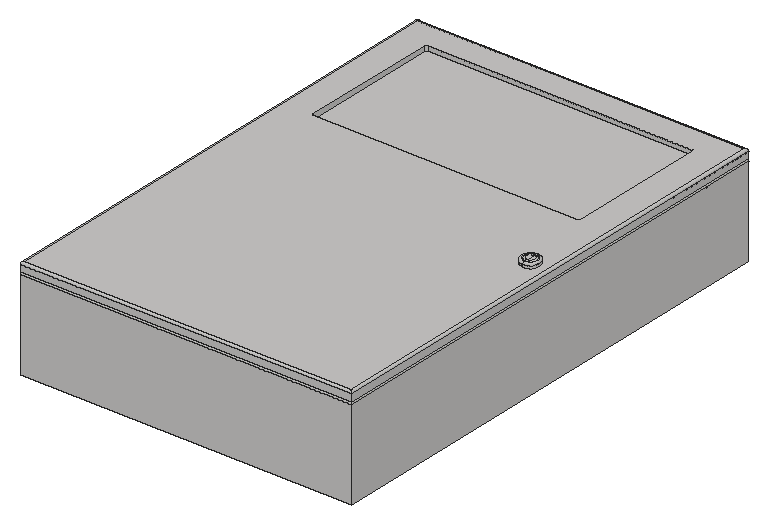
Revit family "PRD_AR_WstBns_RODANWasteBin_RODX604_RODX604E", category Specialty Equipment, host Face, Revit 2018
Family settings
  Host = Face
  Round Connector Dimension = Use Diameter
  Part Type = Normal
  OmniClass Number = 23.40.20.31.11
  OmniClass Title = Bins
  Cut with Voids When Loaded = Yes
  Shared = No
  Room Calculation Point = No
Parameters (values of type "RODX604")
  WasteBinMaterial = PRD_AR_StainlessSteel_SatinFinished
  WarrantyStartDate [instance] = "1900-12-31T23:59:59"
  WarrantyGuarantorParts = "n/a"
  WarrantyGuarantorLabor = "n/a"
  WarrantyDurationUnit = "year"
  WarrantyDurationParts = "n/a"
  WarrantyDurationLabor = "n/a"
  WarrantyDescription = "n/a"
  Version = "1"
  Uniclass2015Version = "Products v1.10"
  Uniclass2015Title = "Waste bins"
  Uniclass2015Code = "Pr_40_50_07_96"
  URL = "www.kwc.com"
  TypeOfMounting = "Wall mounting"
  TypeOfFixing = "Screw"
  Type = RODX604 : RODX604
  TagNumber [instance] = "n/a"
  SustainabilityPerformance = "n/a"
  Style = "waste bin"
  Size = "355 x 540 x 110 mm"
  Shape = "n/a"
  SerialNumber [instance] = "n/a"
  Revision = "n/a"
  ReplacementCost = "n/a"
  ProductInformation = "https://pim.kwc.com/product/2000101345/attachment/datasheet?locale=en"
  NominalWidth = 355.00 mm
  NominalHeight = 540.00 mm
  NominalDepth = 110.00 mm
  NetWeight = 4.47 kg
  Name = "Waste Bin RODX604"
  NBSTypeID = "n/a"
  NBSReference = "45-35-72/380"
  NBSOfficeMasterTag = "n/a"
  NBSNote = "n/a"
  NBSDescription = "Waste bins"
  NBSCertification = "n/a"
  ModelReference = "RODX604"
  ModelOffset = 95.00 mm
  ModelNumber = "2000101345"
  Model = ModelReference  # "RODX604"
  MaterialThickness = "0.80 mm"
  MaterialCode = "1.4301"
  Material = "stainless steel"
  ManufacturerURL = "www.kwc.com"
  ManufacturerName = "KWC Group AG"  # constant formula
  Manufacturer = ManufacturerName  # "KWC Group AG"
  MainColor = "stainless steel"
  Lock = "Key-lock"
  Lid = "Yes"
  IsBuiltIn = "TRUE"
  IntegralAccessories = "incl. stainless steel screws and dowels"
  InstallationDate [instance] = "1900-12-31T23:59:59"
  IfcExportType = "USERDEFINED"
  IfcExportAs = "IfcFurnitureType"
  GrossWeight = 5.39 kg
  Grade = "n/a"
  Finish = "satin finished"
  FillingVolume = "13.00 liter"
  Features = "stainless steel, surface satin finished"
  ExpectedLife = "n/a"
  DurationUnit = "year"
  Description = "Waste bin for wall mounting, stainless steel, surface satin finished, material thickness 0.8 mm, folding self closing lid, with integrated bag holder, cylinder lock with KWC standard key, includes stainless steel screws and dowels. Capacity approx. 13 liters."
  Default Elevation = 850.00 mm
  CreateOn = "11/2019"  # constant formula
  Constituents = "n/a"
  Color = "n/a"
  CodePerformance = "n/a"
  Category = "Pr_40_50_07_96, Waste bins"
  BarCode [instance] = "n/a"
  BagHolder = "Integrated"
  BIMObjectName = "PRD_AR_WasteBins_RODANWasteBin_RODX604"
  Author = "Archispace"  # constant formula
  AssetType = "Fixed"
  AssetIdentifier [instance] = "n/a"
  AccessibilityPerformance = "n/a"
Types (2, lengths in mm): name | TypeOfMounting | Type | Size | ProductInformation | NominalWidth | NominalHeight | NetWeight | Name | ModelReference | ModelOffset | ModelNumber | Model | GrossWeight | Description | BIMObjectName
  RODX604 | "Wall mounting" | RODX604 : RODX604 | "355 x 540 x 110 mm" | "https://pim.kwc.com/product/2000101345/attachment/datasheet?locale=en" | 355.00 | 540.00 | 4.47 kg | "Waste Bin RODX604" | "RODX604" | 95.00 | "2000101345" | "RODX604" | 5.39 kg | "Waste bin for wall mounting, stainless steel, surface satin finished, material thickness 0.8 mm, folding self closing lid, with integrated bag holder, cylinder lock with KWC standard key, includes stainless steel screws and dowels. Capacity approx. 13 liters." | "PRD_AR_WasteBins_RODANWasteBin_RODX604"
  RODX604E | "Recessed mounting" | RODX604E : RODX604E | "395 x 580 x 110 mm" | "https://pim.kwc.com/product/2000101347/attachment/datasheet?locale=en" | 395.00 | 580.00 | 4.78 kg | "Waste Bin RODX604E" | "RODX604E" | 0.00 | "2000101347" | "RODX604E" | 5.74 kg | "Waste bin for recessed mounting, stainless steel, surface satin finished, material thickness 0.8 mm, folding self closing lid, with integrated bag holder, cylinder lock with KWC standard key, includes stainless steel screws and dowels. Capacity approx. 13 liters." | "PRD_AR_WasteBins_RODANWasteBin_RODX604E"
Reference planes
  plane 1 "Center (Front/Back)": y = 0
  plane 2: z = 0
  plane 3 "Center (Left/Right)": x = 0
  plane 4: z = 0
  plane 5: z = 95
  plane 6: z = 5
  plane 7: y = 270
  plane 8: y = -270
  plane 9: x = 176.5
  plane 10: x = -176.5
Forms (mm)
  Extrusion 1, void
    sketch origin (0, 0, 0) x (0, 1, 0) y (0, 0, 1)
      loop
        line (270, 95) -> (-270, 95) -> (-270, 5) -> (270, 5) -> (270, 95)
    from -176.5 to 176.5
Dimensions and locks
  "ModelOffset": plane 5 to level
  plane 5 to plane 6 = 90.00 mm
  plane 7 to plane 8 = 540.00 mm
  equal spacing: plane 7, plane 1 "Center (Front/Back)", plane 8
  equal spacing: plane 10, plane 3 "Center (Left/Right)", plane 9
  plane 10 to plane 9 = 353.00 mm
  aligned and locked: plane 2 to host face
  aligned and locked: level to host face
  aligned and locked: plane 5 to Extrusion 1
  aligned and locked: Extrusion 1 to plane 6
  aligned and locked: plane 7 to Extrusion 1
  aligned and locked: Extrusion 1 to plane 8
  aligned and locked: Extrusion 1 to plane 9
  aligned and locked: plane 10 to Extrusion 1
Automatic sketch dimensions
  host sketch curve to host sketch curve = 1141.379 mm
  host sketch curve to host sketch curve = 1369.338 mm
  level to Extrusion 1 sketch curve = 95.00 mm
  level to Extrusion 1 sketch curve = 5.00 mm
  plane 1 "Center (Front/Back)" to Extrusion 1 sketch curve = 270.00 mm
  Extrusion 1 sketch curve to plane 1 "Center (Front/Back)" = 270.00 mm
Nested families
  nested 1: "RODX604" at (0, 0, 0), Material <- "WasteBinMaterial", type <- "Type", type "RODX604"
Definition of nested family "RODX604"
  Parameters (values of type "2000101345-RODX604")
    Default Elevation = 1219.20 mm
    Material [instance] = none
  Reference planes
    plane 1 "Środek (Przód/Tył)": y = 0
    plane 2: z = 0
    plane 3 "Środek (Lewa/Prawa)": x = 0
  Forms (mm)
    Extrusion 1, solid, material <- "Material", detail levels fine
      sketch origin (0, 0, 100) x (1, 0, 0) y (0, 1, 0)
        loop
          line (-180.5, 270) -> (-180.5, -270) -> (180.5, -270) -> (180.5, 270) -> (-180.5, 270)
      from 0 to 10
    Sweep 2, void
      path in 3D
        loop
          line (-180.5, -270, 110) -> (180.5, -270, 110) -> (180.5, 270, 110) -> (-180.5, 270, 110) -> (-180.5, -270, 110)
      profile origin (-180.5, 0, 110) x (1, 0, 0) y (0, 0, 1)
        loop
          line (0, 0) -> (0, -2.5)
          arc (0, -2.5) -> (0.732, -0.732) -> (2.5, 0) r 2.5
          line (2.5, 0) -> (0, 0)
    Extrusion 3, solid, material <- "Material", detail levels fine
      sketch origin (0, 0, 100) x (0, 1, 0) y (0, 0, 1)
        loop
          line (270, 0) -> (-270, 0) -> (-270, -100) -> (270, -100) -> (270, 0)
      from -180.5 to 180.5
    Extrusion 4, solid, material <- "Material", detail levels medium
      sketch origin (0, 0, 100) x (1, 0, 0) y (0, 1, 0)
        loop
          line (-180.5, 270) -> (-180.5, -270) -> (180.5, -270) -> (180.5, 270) -> (-180.5, 270)
      from 0 to 10
    Extrusion 5, void
      sketch origin (0, 0, 100) x (1, 0, 0) y (0, 1, 0)
        loop
          line (-146, 239) -> (-146, 83) -> (146, 83) -> (146, 239) -> (-146, 239)
      from 4.951 to 11.669
    Extrusion 6, solid, material <- "Material", detail levels coarse
      sketch origin (0, 0, 100) x (1, 0, 0) y (0, 1, 0)
        loop
          line (-180.5, 270) -> (-180.5, -270) -> (180.5, -270) -> (180.5, 270) -> (-180.5, 270)
      from 0 to 10
    Extrusion 7, solid, material <- "Material", detail levels coarse
      sketch origin (0, 0, 100) x (0, 1, 0) y (0, 0, 1)
        loop
          line (270, 0) -> (-270, 0) -> (-270, -100) -> (270, -100) -> (270, 0)
      from -180.5 to 180.5
    Extrusion 8, solid, material <- "Material", detail levels medium
      sketch origin (0, 0, 100) x (0, 1, 0) y (0, 0, 1)
        loop
          line (270, 0) -> (-270, 0) -> (-270, -100) -> (270, -100) -> (270, 0)
      from -180.5 to 180.5
    Sweep 9, void
      path in 3D
        loop
          line (-180.5, -270, 100) -> (-180.5, 270, 100) -> (180.5, 270, 100) -> (180.5, -270, 100) -> (-180.5, -270, 100)
      profile origin (0, -270, 100) x (0, -1, 0) y (0, 0, 1)
        loop
          line (0, 0) -> (-2.5, 0)
          arc (-2.5, 0) -> (-0.732, -0.732) -> (0, -2.5) r 2.5
          line (0, -2.5) -> (0, 0)
    Revolve 10, solid, material <- "Material", detail levels fine
      sketch origin (159.299, -498.5, 96) x (0, 1, 0) y (0, 0, 1)
        loop
          line (508.475, 14) -> (508.475, 16.65)
          arc (508.475, 16.65) -> (507.889, 18.064) -> (506.475, 18.65) r 2
          line (506.475, 18.65) -> (504.716, 18.65)
          arc (504.716, 18.65) -> (504.35, 19.016) -> (503.85, 19.15) r 1
          line (503.85, 19.15) -> (498.5, 19.15) -> (498.5, 14) -> (508.475, 14)
        axis (498.5, 19.15) -> (498.5, 14)
      angle from 0 to 360
    Revolve 11, solid, material <- "Material", detail levels medium
      sketch origin (159.299, -498.5, 96) x (0, 1, 0) y (0, 0, 1)
        loop
          line (508.475, 14) -> (508.475, 19.15) -> (498.5, 19.15) -> (498.5, 14) -> (508.475, 14)
        axis (498.5, 19.15) -> (498.5, 14)
      angle from 0 to 360
    Extrusion 12, void
      sketch origin (0, 686.5, 0) x (0, -1, 0) y (1, 0, 0)
        loop
          line (450, -146) -> (601, -146)
          arc (601, -146) -> (602.768, -145.268) -> (603.5, -143.5) r 2.5
          line (603.5, -143.5) -> (603.5, 143.5)
          arc (603.5, 143.5) -> (602.768, 145.268) -> (601, 146) r 2.5
          line (601, 146) -> (450, 146)
          arc (450, 146) -> (448.232, 145.268) -> (447.5, 143.5) r 2.5
          line (447.5, 143.5) -> (447.5, -143.5)
          arc (447.5, -143.5) -> (448.232, -145.268) -> (450, -146) r 2.5
      from 104.951 to 111.684
  Cuts and joins
    Sweep 2, Extrusion 12 cuts Extrusion 1
    Sweep 9 cuts Extrusion 3
    Extrusion 5 cuts Extrusion 4
  Lines and regions (mm)
    sketch lines
      curve 1: line (-180.5, 270, 110) -> (-180.5, -270, 110)
      curve 2: line (180.5, -270, 110) -> (180.5, 270, 110)
      curve 3: line (-180.5, -270, 110) -> (180.5, -270, 110)
      curve 4: line (180.5, -270, 100) -> (-180.5, -270, 100)
      curve 5: line (-180.5, -270, 100) -> (-180.5, 270, 100)
      curve 6: line (180.5, 270, 100) -> (-180.5, 270, 100)
      curve 7: line (180.5, 270, 100) -> (180.5, -270, 100)
      curve 8: line (180.5, 270, 110) -> (-180.5, 270, 110)
  Dimensions and locks
    aligned and locked: level to plane 2
